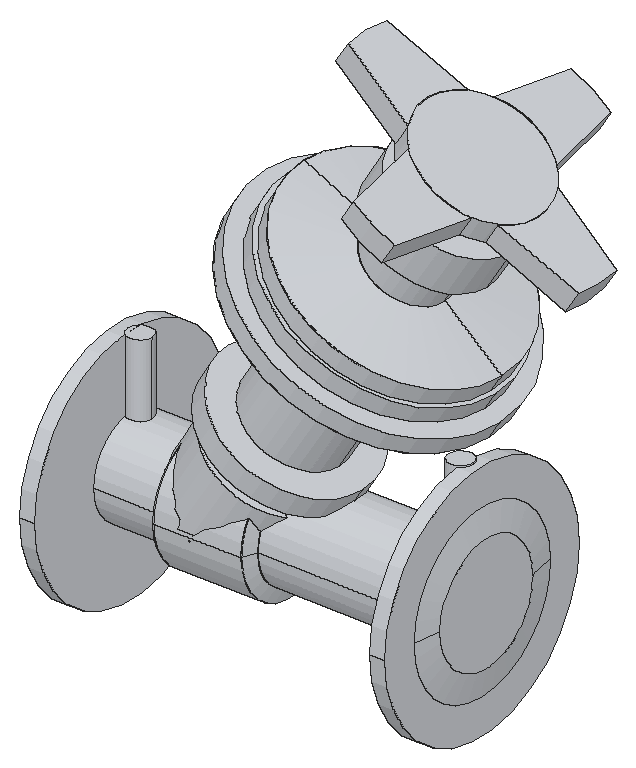
Revit family "224_DN080_20-70_RFA_2019", category Pipe Accessories, Revit 2019
Family settings
  Round Connector Dimension = Use Diameter
  Part Type = Valve - Breaks Into
  Work Plane-Based = No
  Always vertical = Yes
  Cut with Voids When Loaded = No
  Shared = No
Parameters (values of type "224_DN080_(20-70)")
  magiProductId = "2f63645f7c5342ecbadd0051fa47f2"
  magiProductFamilyId = "cb96b53648234cefb8c956722b95ac"
  magiPartTypeId = 304
  isMeasuringValve [instance] = no
  ang2D [instance] = 0.00°
  Z8 = 23.328 mm
  Z7 = 7.776 mm
  Z6 = 97.2 mm
  Z4 = 38.88 mm
  Z3 = 15.552 mm
  Z2 = 19.44 mm
  Z1 = 58.32 mm
  Y9 = 112.022 mm
  Y8 = 43.927 mm
  X9 = 19.752 mm
  X8 = 30.758 mm
  X5 = 140.96 mm
  X4 = 72.8 mm
  X1 = 12.4 mm
  W2D = 100 mm
  VersionID = "2.0/2018.4.11.4/ZETKAMA_224_001"
  Use Minimum Symbol Size [instance] = yes
  URL = "www.hydronic.cz"
  Type Comments = "přírubový ventil, PN16; -10~+120°C; dpmin=1,5xdpnast;"
  R8 = 53.625 mm
  R7 = 35.75 mm
  R6 = 96.688 mm
  R5 = 100 mm
  R4 = 113.75 mm
  R3 = 41.6 mm
  R2 = 70.5 mm
  R12 = 42.75 mm
  R10 = 48 mm
  QmdConnectorList = "301;D;302;D"
  Productdata [instance] = ""
  Manufacturer = "Hydronic Systems Prague s.r.o."
  Maintenance Zone Under Depth [instance] = 390 mm
  Maintenance Zone Right Depth [instance] = 310 mm
  Maintenance Zone Over Depth [instance] = 390 mm
  Maintenance Zone Left Depth [instance] = 310 mm
  Maintenance Zone Front Depth [instance] = 273 mm
  Maintenance Zone Back Depth [instance] = 273 mm
  Maintenance Zone Front Visibility [instance] = no
  MC Product Code = "224 080 3 (DN80; dpnast 20-70kPa; dpmax=300kPa; kvs=74,5kPa)"
  MC Piping Given Pressure Drop [instance] = 0.0 Pa
  LT2 = 155 mm
  L3 = 55.44 mm
  L2D_Min = 3048 mm
  L2D = 350 mm
  H5 = 60 mm
  FDT2 = 100 mm
  Description = "Regulátor diferenčního tlaku přírubový"
  DT21 = 40 mm
  DT2 = 40 mm
  D6 = 65 mm
  D5 = 52 mm
  D = 80 mm
  Clearance Zone Height Depth [instance] = 390 mm
  Clearance Zone Circular Radius [instance] = 310 mm
  Clearance Zone Visibility [instance] = no
  CAT0 = yes
  ARC2 = 1.728 mm
  ARC1 = 9.698 mm
  ANG = 32.00°
  A2 = 28.748 mm
  A1 = 46.007 mm
Types (10, lengths in mm): name | magiProductId | Z8 | Z7 | Z6 | Z4 | Z3 | Z2 | Z1 | X5 | X4 | X1 | R5 | R3 | R2 | R10 | Maintenance Zone Under Depth | Maintenance Zone Right Depth | Maintenance Zone Over Depth | Maintenance Zone Left Depth | MC Product Code | LT2 | L3 | H5 | FDT2 | DT21 | DT2 | D6 | D5 | D | Clearance Zone Height Depth | Clearance Zone Circular Radius | A2 | A1
  224_DN100_(40-160) | "71f9e553003c40d991c5e352e67284" | 24.389 | 8.13 | 101.622 | 40.649 | 16.26 | 20.324 | 60.973 | 152.2 | 91 | 14 | 110 | 52 | 80.5 | 58 | 405 | 350 | 405 | 350 | "224 100 7 (DN100; dpnast 40-160kPa; dpmax=250kPa; kvs=110,0kPa)" | 175 | 62.8 | 60 | 110 | 50 | 50 | 81.25 | 65 | 100 | 405 | 350 | 32.458 | 51.943
  224_DN100_(20-70) | "5e4de33176c64976a9c157b39996ce" | 24.389 | 8.13 | 101.622 | 40.649 | 16.26 | 20.324 | 60.973 | 152.2 | 91 | 14 | 110 | 52 | 80.5 | 58 | 405 | 350 | 405 | 350 | "224 100 3 (DN100; dpnast 20-70kPa; dpmax=250kPa; kvs=110,0kPa)" | 175 | 62.8 | 60 | 110 | 50 | 50 | 81.25 | 65 | 100 | 405 | 350 | 32.458 | 51.943
  224_DN125_(40-160) | "9beb69b667494b6ab1f54942078ae6" | 25.804 | 8.601 | 107.518 | 43.007 | 17.203 | 21.504 | 64.511 | 166.25 | 113.75 | 16 | 125 | 65 | 95.5 | 71 | 425 | 400 | 425 | 400 | "224 125 7 (DN125; dpnast 40-160kPa; dpmax=250kPa; kvs=169,0kPa)" | 200 | 72 | 62.5 | 125 | 62.5 | 62.5 | 101.562 | 81.25 | 125 | 425 | 400 | 37.094 | 59.363
  224_DN125_(20-70) | "2c85edc695ca465cb63b6911085491" | 25.804 | 8.601 | 107.518 | 43.007 | 17.203 | 21.504 | 64.511 | 166.25 | 113.75 | 16 | 125 | 65 | 95.5 | 71 | 425 | 400 | 425 | 400 | "224 125 3 (DN125; dpnast 20-70kPa; dpmax=250kPa; kvs=169,0kPa)" | 200 | 72 | 62.5 | 125 | 62.5 | 62.5 | 101.562 | 81.25 | 125 | 425 | 400 | 37.094 | 59.363
  224_DN150_(40-160) | "96017eba5eec4de2abe05c4d8dc7d1" | 26.866 | 8.955 | 89.552 | 44.776 | 17.91 | 22.388 | 89.552 | 223.38 | 115.5 | 19.2 | 142.5 | 70.2 | 108.5 | 84 | 440 | 480 | 440 | 480 | "224 150 7 (DN150; dpnast 40-160kPa; dpmax=250kPa; kvs=200,0kPa)" | 240 | 86.72 | 67.5 | 142.5 | 67.5 | 75 | 90.75 | 82.5 | 150 | 440 | 480 | 44.513 | 71.236
  224_DN150_(20-70) | "2dcf3707ec5549d494f72875a03dce" | 26.866 | 8.955 | 89.552 | 44.776 | 17.91 | 22.388 | 89.552 | 223.38 | 115.5 | 19.2 | 142.5 | 70.2 | 108.5 | 84 | 440 | 480 | 440 | 480 | "224 150 3 (DN150; dpnast 20-70kPa; dpmax=250kPa; kvs=200,0kPa)" | 240 | 86.72 | 67.5 | 142.5 | 67.5 | 75 | 90.75 | 82.5 | 150 | 440 | 480 | 44.513 | 71.236
  224_DN065_(40-160) | "7a3227ed888c4b0d8669ae9eb0085d" | 22.974 | 7.658 | 95.726 | 38.29 | 15.316 | 19.145 | 57.436 | 139.89 | 59.15 | 11.6 | 92.5 | 33.8 | 63 | 40.5 | 385 | 290 | 385 | 290 | "224 065 7 (DN65; dpnast 40-160kPa; dpmax=300kPa; kvs=48,4kPa)" | 145 | 51.76 | 60 | 92.5 | 32.5 | 32.5 | 52.812 | 42.25 | 65 | 385 | 290 | 26.893 | 43.038
  224_DN065_(20-70) | "bd269db4002540fe9b2a41f205afd7" | 22.974 | 7.658 | 95.726 | 38.29 | 15.316 | 19.145 | 57.436 | 139.89 | 59.15 | 11.6 | 92.5 | 33.8 | 63 | 40.5 | 385 | 290 | 385 | 290 | "224 065 3 (DN65; dpnast 20-70kPa; dpmax=300kPa; kvs=48,4kPa)" | 145 | 51.76 | 60 | 92.5 | 32.5 | 32.5 | 52.812 | 42.25 | 65 | 385 | 290 | 26.893 | 43.038
  224_DN080_(40-160) | "20b45c03d3cb49e9a44f946d5e2c2d" | 23.328 | 7.776 | 97.2 | 38.88 | 15.552 | 19.44 | 58.32 | 140.96 | 72.8 | 12.4 | 100 | 41.6 | 70.5 | 48 | 390 | 310 | 390 | 310 | "224 080 7 (DN80; dpnast 40-160kPa; dpmax=300kPa; kvs=74,5kPa)" | 155 | 55.44 | 60 | 100 | 40 | 40 | 65 | 52 | 80 | 390 | 310 | 28.748 | 46.007
  224_DN080_(20-70) | "2f63645f7c5342ecbadd0051fa47f2" | 23.328 | 7.776 | 97.2 | 38.88 | 15.552 | 19.44 | 58.32 | 140.96 | 72.8 | 12.4 | 100 | 41.6 | 70.5 | 48 | 390 | 310 | 390 | 310 | "224 080 3 (DN80; dpnast 20-70kPa; dpmax=300kPa; kvs=74,5kPa)" | 155 | 55.44 | 60 | 100 | 40 | 40 | 65 | 52 | 80 | 390 | 310 | 28.748 | 46.007
Reference planes
  plane 1 "Center (Front/Back)": y = 0
  plane 2 "XYPLANE": z = 0
  plane 3 "Center (Left/Right)": x = 0
  plane 4 "274": z = -390
  plane 5 "273": z = 390
  plane 6 "272": x = -310
  plane 7 "271": x = 310
  plane 8 "270": y = 273
  plane 9 "269": y = -273
  plane 10 "202": x = 133.6
  plane 11 "201": z = 40
  plane 12 "199": x = -131.6
  plane 13 "196": x = -2.36
  plane 14 "195": x = -6.36
  plane 15 "186": x = -79.16
  plane 16 "185": x = -83.16
  plane 17 "157": through (-527.65, 0, 570.893) normal (0.5299, 0, 0.848)
  plane 18 "123": y = -19.752
  plane 19 "122": y = -30.758
  plane 20 "120": y = 19.752
  plane 21 "119": y = 30.758
  plane 22 "118": through (263.424, 0, 719.778) normal (0.848, 0, -0.5299)
  plane 23 "117": through (395.676, 0, 637.138) normal (0.848, 0, -0.5299)
  plane 24 "116": through (453.424, 0, 601.053) normal (0.848, 0, -0.5299)
  plane 25 "115": through (321.171, 0, 683.694) normal (0.848, 0, -0.5299)
  plane 26 "113": y = -43.927
  plane 27 "112": y = -112.022
  plane 28 "110": through (384.508, 0, 644.117) normal (0.848, 0, -0.5299)
  plane 29 "108": through (341.673, 0, 670.883) normal (0.848, 0, -0.5299)
  plane 30 "107": through (332.339, 0, 676.715) normal (0.848, 0, -0.5299)
  plane 31 "106": through (375.175, 0, 649.949) normal (0.848, 0, -0.5299)
  plane 32 "105": y = 112.022
  plane 33 "104": y = 43.927
  plane 34 "99": through (-455.539, 0, 686.295) normal (0.5299, 0, 0.848)
  plane 35 "96": through (-465.841, 0, 669.809) normal (0.5299, 0, 0.848)
  plane 36 "91": through (-486.444, 0, 636.837) normal (0.5299, 0, 0.848)
  plane 37 "87": through (-507.047, 0, 603.865) normal (0.5299, 0, 0.848)
  plane 38 "84": through (-511.168, 0, 597.27) normal (0.5299, 0, 0.848)
  plane 39 "82": through (-519.409, 0, 584.082) normal (0.5299, 0, 0.848)
  plane 40 "75": through (-535.892, 0, 557.704) normal (0.5299, 0, 0.848)
  plane 41 "74": through (-548.254, 0, 537.92) normal (0.5299, 0, 0.848)
  plane 42 "41": through (-599.762, 0, 455.49) normal (0.5299, 0, 0.848)
  plane 43 "37": through (-610.064, 0, 439.004) normal (0.5299, 0, 0.848)
  plane 44 "34": through (-620.365, 0, 422.518) normal (0.5299, 0, 0.848)
  plane 45 "30": through (-651.27, 0, 373.06) normal (0.5299, 0, 0.848)
  plane 46 "28": y = 0
  plane 47 "27": through (358.424, 0, 660.416) normal (0.848, 0, -0.5299)
  plane 48 "24": x = 151
  plane 49 "23": x = 138.6
  plane 50 "15": x = -138.6
  plane 51 "11": x = -151
  plane 52 "6": x = 155
  plane 53 "5": x = -155
  plane 54 "3": z = 0
  plane 55 "2": y = 0
  plane 56 "1": x = 0
  plane 57 "25XY": through (-636.036, 0, 397.439) normal (0.5299, 0, 0.848)
  plane 58 "25XZ": y = 0
  plane 59 "25YZ": through (397.439, 0, 636.036) normal (0.848, 0, -0.5299)
Forms (mm)
  Blend 1, solid, visible <- "CAT0"
    base sketch origin (-548.254, 0, 537.92) x (0.848048, 0, -0.529919) y (0, 1, 0)
      loop
        circle (703.993, 0) r 42.75
    top sketch origin (-548.254, 0, 537.92) x (0.848048, 0, -0.529919) y (0, 1, 0)
      loop
        circle (703.993, 0) r 113.75
    from 0 to 23.328
  Blend 2, solid, visible <- "Maintenance Zone Front Visibility"
    base sketch origin (-750, 0, 390) x (1, 0, 0) y (0, 1, 0)
      loop
        line (440, 273) -> (440, -273) -> (1060, -273) -> (1060, 273) -> (440, 273)
    top sketch origin (-750, 0, 390) x (1, 0, 0) y (0, 1, 0)
      loop
        line (440, 273) -> (440, -273) -> (1060, -273) -> (1060, 273) -> (440, 273)
    from 0 to -780
  Extrusion 3, solid, visible <- "Clearance Zone Visibility"
    sketch origin (-750, 0, 0) x (1, 0, 0) y (0, 1, 0)
      loop
        circle (750, 0) r 310
    from 0 to 390 <- "Clearance Zone Height Depth"
  Extrusion 4, solid, visible <- "CAT0"
    sketch origin (-599.762, 0, 455.49) x (0.848048, 0, -0.529919) y (0, 1, 0)
      loop
        circle (703.993, 0) r 42.75
    from 0 to 97.2 <- "Z6"
  Extrusion 5, solid
    sketch origin (-750, 0, 40) x (1, 0, 0) y (0, 1, 0)
      loop
        circle (883.6, 0) r 10
    from 0 to 60 <- "H5"
  Extrusion 6, solid
    sketch origin (-750, 0, 40) x (1, 0, 0) y (0, 1, 0)
      loop
        circle (618.4, 0) r 10
    from 0 to 60 <- "H5"
  Extrusion 7, solid
    sketch origin (-2.36, -750, 0) x (0, 1, 0) y (0, 0, 1)
      loop
        circle (750, 0) r 40
    from 0 to 140.96 <- "X5"
  Blend 8, solid
    base sketch origin (-2.36, -750, 0) x (0, 1, 0) y (0, 0, 1)
      loop
        circle (750, 0) r 40
    top sketch origin (-2.36, -750, 0) x (0, 1, 0) y (0, 0, 1)
      loop
        circle (750, 0) r 52
    from 0 to -4
  Extrusion 9, solid
    sketch origin (-79.16, -750, 0) x (0, 1, 0) y (0, 0, 1)
      loop
        circle (750, 0) r 52
    from 0 to 72.8 <- "X4"
  Blend 10, solid
    base sketch origin (-83.16, -750, 0) x (0, 1, 0) y (0, 0, 1)
      loop
        circle (750, 0) r 40
    top sketch origin (-83.16, -750, 0) x (0, 1, 0) y (0, 0, 1)
      loop
        circle (750, 0) r 52
    from 0 to 4
  Extrusion 11, solid
    sketch origin (-651.27, 0, 373.06) x (0.848048, 0, -0.529919) y (0, 1, 0)
      loop
        circle (703.993, 0) r 52
    from 0 to 58.32 <- "Z1"
  Extrusion 12, solid
    sketch origin (-535.892, 0, 557.704) x (0.848048, 0, -0.529919) y (0, 1, 0)
      loop
        circle (703.993, 0) r 113.75
    from 0 to 15.552 <- "Z3"
  Extrusion 13, solid
    sketch origin (-455.539, 0, 686.295) x (0.848048, 0, -0.529919) y (0, 1, 0)
      loop
        line (747.92, -30.758) -> (816.015, -19.752)
        arc (816.015, -19.752) -> (817.743, 0) -> (816.015, 19.752) r 113.75
        line (816.015, 19.752) -> (747.92, 30.758)
        arc (747.92, 30.758) -> (757.618, 0) -> (747.92, -30.758) r 53.625
    from 0 to 19.44 <- "Z2"
  Extrusion 14, solid
    sketch origin (-455.539, 0, 686.295) x (0.848048, 0, -0.529919) y (0, 1, 0)
      loop
        line (660.066, 30.758) -> (591.972, 19.752)
        arc (591.972, 19.752) -> (590.243, 0) -> (591.972, -19.752) r 113.75
        line (591.972, -19.752) -> (660.066, -30.758)
        arc (660.066, -30.758) -> (650.368, 0) -> (660.066, 30.758) r 53.625
    from 0 to 19.44 <- "Z2"
  Extrusion 15, solid
    sketch origin (-455.539, 0, 686.295) x (0.848048, 0, -0.529919) y (0, 1, 0)
      loop
        line (673.235, -43.927) -> (684.241, -112.022)
        arc (684.241, -112.022) -> (703.993, -113.75) -> (723.746, -112.022) r 113.75
        line (723.746, -112.022) -> (734.751, -43.927)
        arc (734.751, -43.927) -> (703.993, -53.625) -> (673.235, -43.927) r 53.625
    from 0 to 19.44 <- "Z2"
  Extrusion 16, solid
    sketch origin (-455.539, 0, 686.295) x (0.848048, 0, -0.529919) y (0, 1, 0)
      loop
        line (734.751, 43.927) -> (723.746, 112.022)
        arc (723.746, 112.022) -> (703.993, 113.75) -> (684.241, 112.022) r 113.75
        line (684.241, 112.022) -> (673.235, 43.927)
        arc (673.235, 43.927) -> (703.993, 53.625) -> (734.751, 43.927) r 53.625
    from 0 to 19.44 <- "Z2"
  Extrusion 17, solid
    sketch origin (-455.539, 0, 686.295) x (0.848048, 0, -0.529919) y (0, 1, 0)
      loop
        circle (703.993, 0) r 53.625
    from 0 to 19.44 <- "Z2"
  Extrusion 18, solid
    sketch origin (-465.841, 0, 669.809) x (0.848048, 0, -0.529919) y (0, 1, 0)
      loop
        circle (703.993, 0) r 35.75
    from 0 to 19.44 <- "Z2"
  Extrusion 19, solid
    sketch origin (-486.444, 0, 636.837) x (0.848048, 0, -0.529919) y (0, 1, 0)
      loop
        circle (703.993, 0) r 53.625
    from 0 to 38.88 <- "Z4"
  Extrusion 20, solid
    sketch origin (-507.047, 0, 603.865) x (0.848048, 0, -0.529919) y (0, 1, 0)
      loop
        circle (703.993, 0) r 35.75
    from 0 to 38.88 <- "Z4"
  Blend 21, solid
    base sketch origin (-511.168, 0, 597.27) x (0.848048, 0, -0.529919) y (0, 1, 0)
      loop
        circle (703.993, 0) r 96.688
    top sketch origin (-511.168, 0, 597.27) x (0.848048, 0, -0.529919) y (0, 1, 0)
      loop
        circle (703.993, 0) r 35.75
    from 0 to 7.776
  Extrusion 22, solid
    sketch origin (-519.409, 0, 584.082) x (0.848048, 0, -0.529919) y (0, 1, 0)
      loop
        circle (703.993, 0) r 96.688
    from 0 to 15.552 <- "Z3"
  Extrusion 23, solid
    sketch origin (-527.65, 0, 570.893) x (0.848048, 0, -0.529919) y (0, 1, 0)
      loop
        circle (703.993, 0) r 100
    from 0 to 15.552 <- "Z3"
  Extrusion 24, solid
    sketch origin (-610.064, 0, 439.004) x (0.848048, 0, -0.529919) y (0, 1, 0)
      loop
        circle (703.993, 0) r 65
    from 0 to 19.44 <- "Z2"
  Extrusion 25, solid
    sketch origin (-620.365, 0, 422.518) x (0.848048, 0, -0.529919) y (0, 1, 0)
      loop
        circle (703.993, 0) r 41.6
    from 0 to 19.44 <- "Z2"
  Blend 26, solid
    base sketch origin (151, -750, 0) x (0, 1, 0) y (0, 0, 1)
      loop
        circle (750, 0) r 70.5
    top sketch origin (151, -750, 0) x (0, 1, 0) y (0, 0, 1)
      loop
        circle (750, 0) r 48
    from 0 to 4
  Extrusion 27, solid
    sketch origin (138.6, -750, 0) x (0, 1, 0) y (0, 0, 1)
      loop
        circle (750, 0) r 100
    from 0 to 12.4 <- "X1"
  Extrusion 28, solid
    sketch origin (-138.6, -750, 0) x (0, 1, 0) y (0, 0, 1)
      loop
        circle (750, 0) r 40
    from 0 to 55.44 <- "L3"
  Extrusion 29, solid
    sketch origin (-151, -750, 0) x (0, 1, 0) y (0, 0, 1)
      loop
        circle (750, 0) r 100
    from 0 to 12.4 <- "X1"
  Blend 30, solid
    base sketch origin (-155, -750, 0) x (0, 1, 0) y (0, 0, 1)
      loop
        circle (750, 0) r 48
    top sketch origin (-155, -750, 0) x (0, 1, 0) y (0, 0, 1)
      loop
        circle (750, 0) r 70.5
    from 0 to 4
  Extrusion 31, solid, not visible
    sketch origin (155, -750, 0) x (0, 1, 0) y (0, 0, 1)
      loop
        circle (750, 0) r 10
    from 0 to -10
  Extrusion 32, solid, not visible
    sketch origin (-155, -750, 0) x (0, 1, 0) y (0, 0, 1)
      loop
        circle (750, 0) r 10
    from 0 to 10
Lines and regions (mm)
  reference lines, not visible
    curve 1: circle (-5.16, 2, 0) r 1 normal (0, 0, 1)
  reference lines
    curve 2: line (178.734, -30.758, 289.958) -> (178.734, 30.758, 289.958)
    curve 3: line (236.481, 19.752, 253.873) -> (236.481, -19.752, 253.873)
    curve 4: line (104.229, 30.758, 336.513) -> (104.229, -30.758, 336.513)
    curve 5: line (46.481, -19.752, 372.598) -> (46.481, 19.752, 372.598)
    curve 6: line (115.397, -43.927, 329.535) -> (167.566, -43.927, 296.936)
    curve 7: line (158.232, -112.022, 302.768) -> (124.73, -112.022, 323.703)
    curve 8: line (167.566, 43.927, 296.936) -> (115.397, 43.927, 329.535)
    curve 9: line (124.73, 112.022, 323.703) -> (158.232, 112.022, 302.768)
Dimensions and locks
  plane 1 "Center (Front/Back)" to curve 1 = 2 mm
  "Maintenance Zone Under Depth": plane 2 "XYPLANE" to plane 4 "274"
  "Maintenance Zone Over Depth": plane 2 "XYPLANE" to plane 5 "273"
  "Maintenance Zone Left Depth": plane 3 "Center (Left/Right)" to plane 6 "272"
  "Maintenance Zone Right Depth": plane 3 "Center (Left/Right)" to plane 7 "271"
  "Maintenance Zone Back Depth": plane 1 "Center (Front/Back)" to plane 8 "270"
  "Maintenance Zone Front Depth": plane 1 "Center (Front/Back)" to plane 9 "269"
  locked: plane 49 "23" to plane 10 "202" at 5
  "DT2": plane 2 "XYPLANE" to plane 11 "201"
  locked: plane 50 "15" to plane 12 "199" at 7
  locked: plane 14 "195" to plane 13 "196" at 4
  "X4": plane 15 "186" to plane 14 "195"
  locked: plane 16 "185" to plane 15 "186" at 4
  "L3": plane 50 "15" to plane 16 "185"
  "Z3": plane 40 "75" to plane 17 "157"
  "X9": plane 55 "2" to plane 18 "123"
  "X8": plane 55 "2" to plane 19 "122"
  "X9": plane 55 "2" to plane 20 "120"
  "X8": plane 55 "2" to plane 21 "119"
  "Y9": plane 47 "27" to plane 22 "118"
  "Y8": plane 47 "27" to plane 23 "117"
  "Y9": plane 47 "27" to plane 24 "116"
  "Y8": plane 47 "27" to plane 25 "115"
  "Y8": plane 55 "2" to plane 26 "113"
  "Y9": plane 55 "2" to plane 27 "112"
  "X8": plane 47 "27" to plane 28 "110"
  "X9": plane 47 "27" to plane 29 "108"
  "X8": plane 47 "27" to plane 30 "107"
  "X9": plane 47 "27" to plane 31 "106"
  "Y9": plane 55 "2" to plane 32 "105"
  "Y8": plane 55 "2" to plane 33 "104"
  "Z2": plane 35 "96" to plane 34 "99"
  "Z4": plane 36 "91" to plane 35 "96"
  "Z4": plane 37 "87" to plane 36 "91"
  "Z7": plane 38 "84" to plane 37 "87"
  "Z3": plane 39 "82" to plane 38 "84"
  "Z3": plane 17 "157" to plane 39 "82"
  "Z8": plane 41 "74" to plane 40 "75"
  "Z6": plane 42 "41" to plane 41 "74"
  "Z2": plane 43 "37" to plane 42 "41"
  "Z2": plane 44 "34" to plane 43 "37"
  "Z1": plane 45 "30" to plane 44 "34"
  "A2": plane 57 "25XY" to plane 45 "30"
  locked: plane 55 "2" to plane 46 "28"
  "A1": plane 59 "25YZ" to plane 47 "27"
  "X1": plane 49 "23" to plane 48 "24"
  "X5": plane 13 "196" to plane 49 "23"
  "X1": plane 51 "11" to plane 50 "15"
  locked: plane 53 "5" to plane 51 "11" at 4
  "LT2": plane 3 "Center (Left/Right)" to plane 52 "6"
  "LT2": plane 3 "Center (Left/Right)" to plane 53 "5"
  locked: plane 2 "XYPLANE" to plane 54 "3"
  locked: plane 1 "Center (Front/Back)" to plane 55 "2"
  locked: plane 3 "Center (Left/Right)" to plane 56 "1"
  Blend 2 sketch curve to Blend 2 sketch curve = 0 mm  (x16)
  "ARC1": curve 2 to Extrusion 13 sketch curve
  "ARC2": curve 3 to Extrusion 13 sketch curve
  Extrusion 13 sketch curve to Extrusion 13 sketch curve = 0 mm  (x8)
  "ARC1": curve 4 to Extrusion 14 sketch curve
  "ARC2": curve 5 to Extrusion 14 sketch curve
  Extrusion 14 sketch curve to Extrusion 14 sketch curve = 0 mm  (x8)
  "ARC1": curve 6 to Extrusion 15 sketch curve
  "ARC2": curve 7 to Extrusion 15 sketch curve
  Extrusion 15 sketch curve to Extrusion 15 sketch curve = 0 mm  (x8)
  "ARC1": curve 8 to Extrusion 16 sketch curve
  "ARC2": curve 9 to Extrusion 16 sketch curve
  Extrusion 16 sketch curve to Extrusion 16 sketch curve = 0 mm  (x8)
  "R4": radius of Blend 1 sketch curve
  "R12": radius of Blend 1 sketch curve
  "Clearance Zone Circular Radius": radius of Extrusion 3 sketch curve
  "R12": radius of Extrusion 4 sketch curve
  "DT21": radius of Extrusion 7 sketch curve
  "D5": radius of Blend 8 sketch curve
  "DT21": radius of Blend 8 sketch curve
  "D5": radius of Extrusion 9 sketch curve
  "D5": radius of Blend 10 sketch curve
  "DT21": radius of Blend 10 sketch curve
  "D5": radius of Extrusion 11 sketch curve
  "R4": radius of Extrusion 12 sketch curve
  "R8": radius of Extrusion 17 sketch curve
  "R7": radius of Extrusion 18 sketch curve
  "R8": radius of Extrusion 19 sketch curve
  "R7": radius of Extrusion 20 sketch curve
  "R7": radius of Blend 21 sketch curve
  "R6": radius of Blend 21 sketch curve
  "R6": radius of Extrusion 22 sketch curve
  "R5": radius of Extrusion 23 sketch curve
  "D6": radius of Extrusion 24 sketch curve
  "R3": radius of Extrusion 25 sketch curve
  "R10": radius of Blend 26 sketch curve
  "R2": radius of Blend 26 sketch curve
  "FDT2": radius of Extrusion 27 sketch curve
  "DT21": radius of Extrusion 28 sketch curve
  "FDT2": radius of Extrusion 29 sketch curve
  "R2": radius of Blend 30 sketch curve
  "R10": radius of Blend 30 sketch curve
  aligned and locked: level to plane 2 "XYPLANE"
  aligned and locked: plane 46 "28" to Blend 1 sketch curve  (x2)
  aligned and locked: Blend 1 sketch curve to plane 47 "27"  (x2)
  aligned and locked: plane 40 "75" to Blend 1
  aligned and locked: Blend 2 sketch curve to plane 6 "272"  (x2)
  aligned and locked: plane 8 "270" to Blend 2 sketch curve  (x4)
  aligned and locked: plane 9 "269" to Blend 2 sketch curve  (x4)
  aligned and locked: plane 6 "272" to Blend 2 sketch curve  (x2)
  aligned and locked: plane 7 "271" to Blend 2 sketch curve  (x4)
  aligned and locked: Blend 2 to plane 4 "274"
  aligned and locked: plane 55 "2" to Extrusion 3 sketch curve
  aligned and locked: plane 56 "1" to Extrusion 3 sketch curve
  aligned and locked: plane 46 "28" to Extrusion 4 sketch curve
  aligned and locked: Extrusion 4 sketch curve to plane 47 "27"
  aligned and locked: plane 10 "202" to Extrusion 5 sketch curve
  aligned and locked: plane 55 "2" to Extrusion 5 sketch curve
  aligned and locked: plane 12 "199" to Extrusion 6 sketch curve
  aligned and locked: plane 55 "2" to Extrusion 6 sketch curve
  aligned and locked: plane 54 "3" to Extrusion 7 sketch curve
  aligned and locked: Extrusion 7 sketch curve to plane 55 "2"
  aligned and locked: plane 54 "3" to Blend 8 sketch curve  (x2)
  aligned and locked: Blend 8 sketch curve to plane 55 "2"  (x2)
  aligned and locked: Blend 8 to plane 14 "195"
  aligned and locked: plane 54 "3" to Extrusion 9 sketch curve
  aligned and locked: Extrusion 9 sketch curve to plane 55 "2"
  aligned and locked: plane 54 "3" to Blend 10 sketch curve  (x2)
  aligned and locked: Blend 10 sketch curve to plane 55 "2"  (x2)
  aligned and locked: plane 15 "186" to Blend 10
  aligned and locked: plane 46 "28" to Extrusion 11 sketch curve
  aligned and locked: Extrusion 11 sketch curve to plane 47 "27"
  aligned and locked: plane 46 "28" to Extrusion 12 sketch curve
  aligned and locked: Extrusion 12 sketch curve to plane 47 "27"
  aligned and locked: curve 2 to plane 23 "117"
  aligned and locked: plane 19 "122" to curve 2
  aligned and locked: plane 21 "119" to curve 2
  aligned and locked: plane 21 "119" to Extrusion 13 sketch curve
  aligned and locked: plane 23 "117" to Extrusion 13 sketch curve
  aligned and locked: plane 20 "120" to Extrusion 13 sketch curve
  aligned and locked: plane 24 "116" to Extrusion 13 sketch curve
  aligned and locked: curve 3 to plane 24 "116"
  aligned and locked: plane 20 "120" to curve 3
  aligned and locked: plane 18 "123" to curve 3
  aligned and locked: plane 18 "123" to Extrusion 13 sketch curve
  aligned and locked: Extrusion 13 sketch curve to plane 24 "116"
  aligned and locked: plane 19 "122" to Extrusion 13 sketch curve
  aligned and locked: Extrusion 13 sketch curve to plane 23 "117"
  aligned and locked: curve 4 to plane 25 "115"
  aligned and locked: plane 21 "119" to curve 4
  aligned and locked: plane 19 "122" to curve 4
  aligned and locked: plane 19 "122" to Extrusion 14 sketch curve
  aligned and locked: Extrusion 14 sketch curve to plane 25 "115"
  aligned and locked: plane 18 "123" to Extrusion 14 sketch curve
  aligned and locked: Extrusion 14 sketch curve to plane 22 "118"
  aligned and locked: curve 5 to plane 22 "118"
  aligned and locked: plane 18 "123" to curve 5
  aligned and locked: plane 20 "120" to curve 5
  aligned and locked: plane 20 "120" to Extrusion 14 sketch curve
  aligned and locked: plane 22 "118" to Extrusion 14 sketch curve
  aligned and locked: plane 21 "119" to Extrusion 14 sketch curve
  aligned and locked: plane 25 "115" to Extrusion 14 sketch curve
  aligned and locked: curve 6 to plane 26 "113"
  aligned and locked: curve 6 to plane 30 "107"
  aligned and locked: curve 6 to plane 28 "110"
  aligned and locked: plane 26 "113" to Extrusion 15 sketch curve  (x2)
  aligned and locked: Extrusion 15 sketch curve to plane 28 "110"
  aligned and locked: plane 27 "112" to Extrusion 15 sketch curve  (x2)
  aligned and locked: Extrusion 15 sketch curve to plane 31 "106"
  aligned and locked: plane 27 "112" to curve 7
  aligned and locked: curve 7 to plane 31 "106"
  aligned and locked: curve 7 to plane 29 "108"
  aligned and locked: Extrusion 15 sketch curve to plane 29 "108"
  aligned and locked: Extrusion 15 sketch curve to plane 30 "107"
  aligned and locked: plane 33 "104" to curve 8
  aligned and locked: plane 28 "110" to curve 8
  aligned and locked: plane 30 "107" to curve 8
  aligned and locked: plane 30 "107" to Extrusion 16 sketch curve
  aligned and locked: plane 33 "104" to Extrusion 16 sketch curve  (x2)
  aligned and locked: plane 29 "108" to Extrusion 16 sketch curve
  aligned and locked: plane 32 "105" to Extrusion 16 sketch curve  (x2)
  aligned and locked: curve 9 to plane 32 "105"
  aligned and locked: plane 29 "108" to curve 9
  aligned and locked: plane 31 "106" to curve 9
  aligned and locked: plane 31 "106" to Extrusion 16 sketch curve
  aligned and locked: plane 28 "110" to Extrusion 16 sketch curve
  aligned and locked: plane 46 "28" to Extrusion 17 sketch curve
  aligned and locked: Extrusion 17 sketch curve to plane 47 "27"
  aligned and locked: plane 46 "28" to Extrusion 18 sketch curve
  aligned and locked: Extrusion 18 sketch curve to plane 47 "27"
  aligned and locked: plane 46 "28" to Extrusion 19 sketch curve
  aligned and locked: Extrusion 19 sketch curve to plane 47 "27"
  aligned and locked: plane 46 "28" to Extrusion 20 sketch curve
  aligned and locked: Extrusion 20 sketch curve to plane 47 "27"
  aligned and locked: plane 46 "28" to Blend 21 sketch curve  (x2)
  aligned and locked: Blend 21 sketch curve to plane 47 "27"  (x2)
  aligned and locked: plane 37 "87" to Blend 21
  aligned and locked: plane 46 "28" to Extrusion 22 sketch curve
  aligned and locked: Extrusion 22 sketch curve to plane 47 "27"
  aligned and locked: plane 46 "28" to Extrusion 23 sketch curve
  aligned and locked: Extrusion 23 sketch curve to plane 47 "27"
  aligned and locked: plane 46 "28" to Extrusion 24 sketch curve
  aligned and locked: Extrusion 24 sketch curve to plane 47 "27"
  aligned and locked: plane 46 "28" to Extrusion 25 sketch curve
  aligned and locked: Extrusion 25 sketch curve to plane 47 "27"
  aligned and locked: plane 54 "3" to Blend 26 sketch curve  (x2)
  aligned and locked: Blend 26 sketch curve to plane 55 "2"  (x2)
  aligned and locked: plane 52 "6" to Blend 26
  aligned and locked: plane 54 "3" to Extrusion 27 sketch curve
  aligned and locked: Extrusion 27 sketch curve to plane 55 "2"
  aligned and locked: plane 54 "3" to Extrusion 28 sketch curve
  aligned and locked: Extrusion 28 sketch curve to plane 55 "2"
  aligned and locked: plane 54 "3" to Extrusion 29 sketch curve
  aligned and locked: Extrusion 29 sketch curve to plane 55 "2"
  aligned and locked: plane 54 "3" to Blend 30 sketch curve  (x2)
  aligned and locked: Blend 30 sketch curve to plane 55 "2"  (x2)
  aligned and locked: plane 51 "11" to Blend 30
  aligned and locked: plane 54 "3" to Extrusion 31 sketch curve
  aligned and locked: Extrusion 31 sketch curve to plane 55 "2"
  aligned and locked: plane 54 "3" to Extrusion 32 sketch curve
  aligned and locked: Extrusion 32 sketch curve to plane 55 "2"
Automatic sketch dimensions
  Extrusion 5 sketch curve to Extrusion 5 sketch curve = 10 mm
  Extrusion 6 sketch curve to plane 50 "15" = 3 mm
  plane 18 "123" to Extrusion 31 sketch curve = 9.752 mm
  plane 18 "123" to Extrusion 32 sketch curve = 9.752 mm
  plane 14 "195" to curve 1 = 1.2 mm
  radius of curve 1 = 1 mm
Connectors
  piping at (-155, 0, 0), diameter 80, driven by "D"
    settings: on Extrusion 32, index 1, connector inside diameter 609.6 mm, connector length 0 mm, flow factor 0, pipe flow 0.0 L/s, pressure drop 0.0 Pa, fitting loss kfactor 0, connector angle 0.00°, fixture units 0, engagement length 0 mm, angle of deflection 0.00°, flow configuration 0, flow direction 0, fitting loss method 0, system type 29, joint type 0, gender type 0, connector reference index 2, connector utility 0, adjustable connector no, is connector primary yes, connector description ""
  piping at (155, 0, 0), diameter 80, driven by "D"
    settings: on Extrusion 31, index 2, connector inside diameter 609.6 mm, connector length 0 mm, flow factor 0, pipe flow 0.0 L/s, pressure drop 0.0 Pa, fitting loss kfactor 0, connector angle 0.00°, fixture units 0, engagement length 0 mm, angle of deflection 0.00°, flow configuration 0, flow direction 0, fitting loss method 0, system type 29, joint type 0, gender type 0, connector reference index 1, connector utility 0, adjustable connector no, is connector primary no, connector description ""
